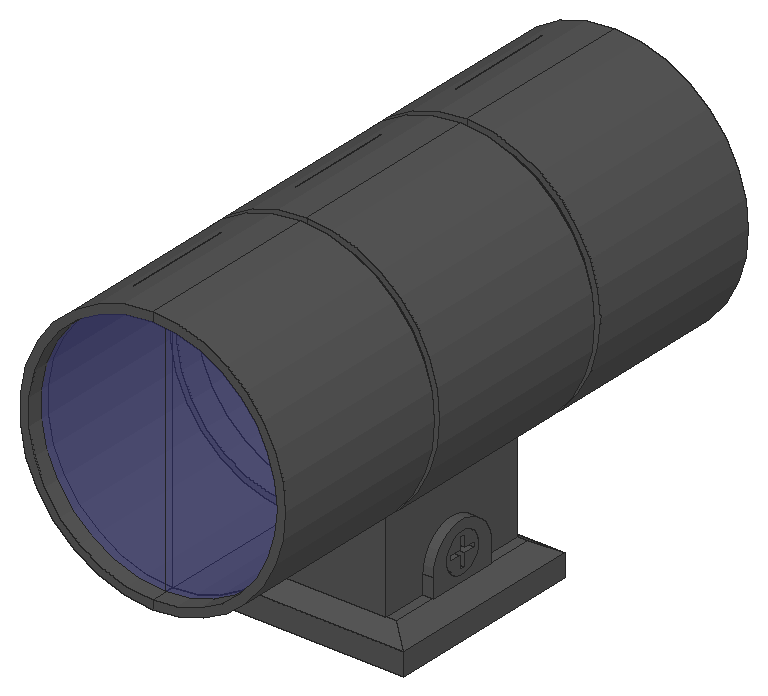
Revit family "CARLO CYLINDER LIGHT WALL MOUNT", category Lighting Fixtures, host Face, Revit 2020 (continued)
Types (10): name | Wattage_Input | Wattage Comments | Wattage | Photometric Web File | built-in parameter 1150142 | Model | built-in parameter 1150105 | Lumens | Light Length 1 | LIGHT RADIUS | LIGHT PLACEMENT | LIGHT LENGTH | LIGHT DIA | built-in parameter 1150106 | FIXED END HEIGHT | Curve base Height | Base Curve | BEAMING ANGLE | Apparent Load
    116.42 119.77 \r\n 122.24 123.64 124.53 125.44 126.23 126.93 127.63 128.45 129.31 130.12 \r\n 130.98 131.95 132.99 134.11 135.27 136.42 137.66 139.07 140.68 142.6 \r\n 144.79 147.23 150 153.15 156.8 161.09 166.04 171.63 178.19 186.04 \r\n 195.28 205.95 218.5 233.26 250.68 271.32 295.12 322.2 352.5 386.03 \r\n 422.74 462.83 505.44 549.77 595.75 643.08 691.67 741.34 792.07 844.13 \r\n 896.48 948.33 999.33 1049.3 1097 1140.8 1181.3 1218 1251.4 1281.4 \r\n 1308.5 1333.1 1356.3 1380 1402 1421 1436.6 1448.6 1455.6 1456 \r\n 1452.3 \r\n1448.4 1456 1456 1451.3 1441.7 1426.3 1407.3 1386.6 1363.5 1337.9 \r\n 1310.2 1281.3 1250.1 1215.3 1177.4 1135.9 1092 1046.6 999.85 952.51 \r\n 904.03 853.84 802.76 750.93 699.78 651 603.85 558.02 513.88 471.54 \r\n 431.49 394.17 359.79 328.11 300.89 281.41 264.9 247.25 229.8 211.5 \r\n 195.36 185.05 177.51 170.81 165.25 160.52 156.5 153 149.97 147.32 \r\n 145.01 143.01 141.3 139.92 138.71 137.46 136.28 135.23 134.21 133.07 \r\n 131.92 130.81 129.71 128.58 127.48 126.51 125.5 124.32 123.07 121.93 \r\n 120.58 118.92 116.4 112.23 106.99 100.9 94.224 87.299 80.066 72.478 \r\n 64.835 57.456 50.228 43.115 36.207 29.443 23.239 17.886 13.687 11.337 \r\n 9.9411 8.8391 8.0238 7.246 6.5721 5.9734 5.4859 5.1658 4.9242 4.6866 \r\n 4.4667 4.2496 4.0466 3.8636 3.7028 3.577 3.4606 3.3277 3.1915 3.0548 \r\n 2.9235 2.8133 2.6979 2.5463 2.3892 2.251 2.1196 1.9986 1.8657 1.6813 \r\n 1.5008 1.3839 1.2785 1.1426 1.0051 0.88013 0.76984 0.68781 0.61386 0.52528 \r\n 0.44328 0.38432 0.34002 0.30937 0.28673 0.26587 0.24756 0.23013 0.216 0.20964 \r\n 0.20327 0.18716 0.17164 0.16671 0.16372 0.1564 0.14759 0.13741 0.1277 0.12104 \r\n 0.11536 0.10961 0.10338 0.094869 0.087298 0.084611 0.082842 0.079173 0.074109 0.067683 \r\n 0.058486 0.042614 0.027583 0.022159 0.01869 0.010605 0.0034311 0.0016456 0.0018264 0.0021057 \r\n 0.0022984 0.0011787 0 0 0 0 0 0 0 0 \r\n 0 0 0 0 0 0 0.000065 0.0030635 0.0073723 0.012442 \r\n 0.017919 0.023166 0.02849 0.03428 0.039656 0.04297 0.046919 0.054659 0.063174 0.069657 \r\n 0.076644 0.086707 0.096927 0.10488 0.11167 0.11734 0.1227 0.12832 0.13497 0.14509 \r\n 0.15434 0.15704 0.15975 0.16899 0.17911 0.18556 0.1915 0.19817 0.20687 0.2211 \r\n 0.2354 0.24359 0.25131 0.26241 0.27604 0.29313 0.31558 0.34708 0.38326 0.41562 \r\n 0.46029 0.53588 0.62641 0.72377 0.82289 0.90623 1.0032 1.153 1.3084 1.424 \r\n 1.5341 1.6588 1.7956 1.9576 2.1176 2.2417 2.3631 2.511 2.6651 2.8168 \r\n 2.9603 3.0793 3.1974 3.3361 3.4862 3.6488 3.815 3.9645 4.1319 4.3588 \r\n 4.6045 4.8003 5.0716 5.5118 6.1492 7.0896 8.1945 9.3703 10.588 11.728 \r\n 12.968 14.22 16.16 19.539 24.039 29.762 36.198 42.792 49.778 57.318 \r\n 65.074 72.806 80.372 87.526 94.34 100.9 106.91 112.13 116.51 119.9 \r\n 122.38 123.81 124.73 125.65 126.45 127.16 127.86 128.7 129.58 130.42 \r\n 131.29 132.24 133.27 134.39 135.56 136.7 137.93 139.33 140.95 142.86 \r\n 145.05 147.49 150.27 153.44 157.13 161.44 166.42 172.05 178.66 186.57 \r\n 195.85 206.47 219.06 234.28 252 272.11 295.27 322.19 352.51 386.17 \r\n 422.96 462.9 505.35 549.82 595.94 643.1 691.48 741.05 791.72 843.69 \r\n 896.04 948.08 999.29 1049.3 1097 1140.8 1181.2 1217.9 1251.1 1280.8 \r\n 1307.6 1332 1355.1 1378.7 1400.7 1419.6 1435.2 1447.5 1454.9 1455.5 \r\n 1452.3 \r\n1448.4 1455.8 1455.3 1449.9 1439.7 1424.2 1405.1 1384.3 1361.1 1335.5 \r\n 1307.7 1278.7 1247.1 1211.4 1172.5 1131 1087.2 1041.8 994.93 947.39 \r\n 898.77 848.68 797.83 746.4 695.55 646.62 599.3 553.73 509.97 468 \r\n 428.3 391.31 357.19 325.82 298.62 278.26 260.92 243.34 226.45 209.29 \r\n 194.24 184.16 176.61 170.02 164.56 159.89 155.93 152.51 149.57 146.98 \r\n 144.72 142.75 141.07 139.73 138.55 137.34 136.18 135.12 134.07 132.9 \r\n 131.72 130.59 129.48 128.34 127.23 126.24 125.22 123.98 122.66 121.46 \r\n 120.05 118.43 115.92 111.58 106.16 100.09 93.509 86.701 79.618 72.224 \r\n 64.762 57.477 50.325 43.328 36.535 29.856 23.727 18.462 14.336 12.02 \r\n 10.632 9.515 8.6593 7.8096 7.0417 6.3263 5.7236 5.3135 5.0074 4.746 \r\n 4.5213 4.302 4.0993 3.913 3.7462 3.6082 3.4795 3.3395 3.1995 3.0638 \r\n 2.9334 2.8174 2.6958 2.5419 2.3849 2.2509 2.1226 1.9959 1.8575 1.6769 \r\n 1.5022 1.3889 1.2853 1.1465 1.007 0.88765 0.7834 0.70168 0.62596 0.53458 \r\n 0.45027 0.39235 0.34938 0.31731 0.2932 0.27322 0.25597 0.23938 0.22565 0.21854 \r\n 0.2114 0.19578 0.18091 0.17591 0.1727 0.16528 0.15647 0.14659 0.13709 0.13 \r\n 0.12385 0.11811 0.11198 0.10344 0.095644 0.092333 0.089767 0.08512 0.079399 0.073265 \r\n 0.06493 0.050712 0.036952 0.030668 0.02616 0.018938 0.01239 0.0087737 0.0069922 0.0076033 \r\n 0.0079015 0.0040076 0 0 0 0 0 0 0 0 \r\n 0 0 0 0 0 0 0.000049 0.0023446 0.005556 0.009116 \r\n 0.012928 0.016573 0.020452 0.025178 0.029699 0.032176 0.035573 0.043207 0.052168 0.060155 \r\n 0.068653 0.079278 0.089325 0.095988 0.10119 0.10563 0.11019 0.11607 0.12306 0.13226 \r\n 0.14092 0.14527 0.1496 0.15818 0.16734 0.17419 0.1806 0.18666 0.19471 0.20923 \r\n 0.22395 0.23201 0.23964 0.25132 0.26544 0.28179 0.30313 0.33354 0.3689 0.40113 \r\n 0.44619 0.52294 0.61462 0.71188 0.81143 0.89777 0.99813 1.1504 1.307 1.42 \r\n 1.5284 1.6581 1.7998 1.9601 2.1162 2.2352 2.3539 2.5079 2.6689 2.8203 \r\n 2.962 3.0806 3.1997 3.3424 3.4965 3.6589 3.8247 3.9773 4.1479 4.3752 \r\n 4.6192 4.8111 5.0749 5.4961 6.1218 7.0831 8.2137 9.393 10.615 11.779 \r\n 13.05 14.345 16.313 19.668 24.119 29.773 36.15 42.759 49.734 57.11 \r\n 64.699 72.385 79.986 87.306 94.275 100.79 106.75 112.11 116.65 120.08 \r\n 122.56 123.99 124.91 125.86 126.7 127.43 128.16 129.02 129.92 130.79 \r\n 131.68 132.62 133.62 134.75 135.93 137.04 138.24 139.63 141.24 143.14 \r\n 145.31 147.74 150.53 153.74 157.46 161.79 166.8 172.5 179.19 187.15 \r\n 196.47 207.07 219.78 235.72 253.94 273.3 295.53 322.23 352.59 386.48 \r\n 423.47 463.1 505.26 549.96 596.31 643.18 691.21 740.77 791.48 843.32 \r\n 895.58 947.82 999.23 1049.2 1096.7 1140.5 1180.9 1217.7 1250.8 1279.9 \r\n 1306.2 1330.5 1353.7 1377.4 1399.5 1418.2 1433.7 1446.3 1454.1 1454.9 \r\n 1452.3 \r\n1448.4 1455.6 1454.4 1448.2 1437.3 1421.7 1402.6 1381.6 1358.3 1332.6 \r\n 1304.9 1275.9 1244 1207.2 1167.3 1125.6 1082 1036.5 989.49 941.63 \r\n 892.75 842.71 792.07 741.07 690.58 641.5 594.03 548.72 505.36 463.8 \r\n 424.51 387.86 354.05 323.06 295.9 274.5 256.13 238.59 222.35 206.61 \r\n 192.92 183.14 175.57 169.12 163.76 159.15 155.25 151.93 149.09 146.55 \r\n 144.34 142.41 140.76 139.46 138.31 137.14 136.01 134.94 133.86 132.66 \r\n 131.45 130.32 129.22 128.08 126.97 125.98 124.93 123.64 122.26 121 \r\n 119.55 117.94 115.4 110.87 105.29 99.244 92.756 86.056 79.113 71.917 \r\n 64.644 57.459 50.389 43.51 36.832 30.232 24.185 19.054 15.05 12.792 \r\n 11.42 10.287 9.3807 8.4405 7.5581 6.7112 5.981 5.4701 5.0921 4.8061 \r\n 4.578 4.3559 4.1527 3.9635 3.7907 3.6396 3.4972 3.3497 3.206 3.0719 \r\n 2.9427 2.8201 2.6912 2.5341 2.3768 2.2477 2.1232 1.9899 1.8455 1.6706 \r\n 1.5038 1.3943 1.2919 1.1492 1.0068 0.89403 0.79687 0.71482 0.63652 0.54263 \r\n 0.45662 0.40042 0.3593 0.32582 0.3001 0.28099 0.26486 0.24942 0.23636 0.2283 \r\n 0.22021 0.20545 0.19157 0.18622 0.18242 0.17487 0.16615 0.15678 0.14767 0.14011 \r\n 0.1334 0.12763 0.12158 0.1131 0.10512 0.10094 0.097293 0.091507 0.085027 0.079084 \r\n 0.071655 0.059551 0.047515 0.040348 0.034696 0.028475 0.022675 0.017143 0.013216 0.013914 \r\n 0.014039 0.0070707 0 0 0 0 0 0 0 0 \r\n 0 0 0 0 0 0 0.000031 0.0015226 0.0035435 0.0056112 \r\n 0.0078074 0.0098939 0.012348 0.015931 0.019549 0.021361 0.024357 0.031776 0.041032 0.050522 \r\n 0.060528 0.071593 0.081328 0.086618 0.090187 0.093398 0.097218 0.10353 0.11095 0.11902 \r\n 0.12692 0.1332 0.13945 0.14723 0.15524 0.16254 0.1695 0.17512 0.18262 0.19714 \r\n 0.21198 0.21997 0.22763 0.23985 0.25438 0.26994 0.29002 0.31886 0.35296 0.38517 \r\n 0.43071 0.50806 0.60028 0.69712 0.79701 0.88673 0.99093 1.1457 1.3035 1.4144 \r\n 1.5214 1.6564 1.8028 1.9608 2.1123 2.2259 2.3419 2.5026 2.6709 2.822 \r\n 2.9618 3.0801 3.2002 3.3471 3.5049 3.6662 3.8306 3.9862 4.1596 4.3864 \r\n 4.6275 4.8157 5.0711 5.4692 6.0755 7.0429 8.1845 9.3599 10.583 11.768 \r\n 13.069 14.401 16.384 19.69 24.069 29.655 35.977 42.598 49.553 56.74 \r\n 64.137 71.763 79.396 86.894 94.036 100.51 106.44 111.97 116.69 120.18 \r\n 122.68 124.12 125.04 126.03 126.91 127.68 128.45 129.33 130.25 131.14 \r\n 132.05 132.98 133.97 135.1 136.28 137.36 138.53 139.91 141.5 143.37 \r\n 145.52 147.94 150.74 153.97 157.72 162.05 167.07 172.85 179.62 187.6 \r\n 196.93 207.5 220.33 236.96 255.66 274.24 295.51 321.94 352.29 386.4 \r\n 423.55 462.82 504.62 549.54 596.1 642.65 690.3 739.86 790.61 842.27 \r\n 894.39 946.79 998.37 1048.2 1095.5 1139.5 1180 1216.8 1249.8 1278.4 \r\n 1304.1 1328.5 1351.8 1375.8 1398 1416.6 1432 1445 1453.1 1454.2 \r\n 1452.3 \r\n1448.4 1455.2 1453.5 1446.5 1434.9 1419.2 1400.1 1378.8 1355.3 1329.7 \r\n 1302.1 1273.1 1240.9 1203.1 1162.2 1120.5 1076.9 1031.2 984.04 935.79 \r\n 886.6 836.57 786.13 735.53 685.4 636.22 588.61 543.54 500.56 459.4 \r\n 420.52 384.22 350.72 320.13 293.04 270.58 251.19 233.63 218 203.76 \r\n 191.53 182.09 174.52 168.19 162.94 158.39 154.55 151.33 148.58 146.1 \r\n 143.93 142.04 140.43 139.15 138.02 136.9 135.81 134.73 133.62 132.4 \r\n 131.17 130.05 128.96 127.84 126.74 125.74 124.68 123.35 121.92 120.61 \r\n 119.12 117.49 114.9 110.18 104.44 98.418 92.018 85.398 78.567 71.544 \r\n 64.443 57.355 50.365 43.596 37.026 30.497 24.532 19.558 15.704 13.516 \r\n 12.169 11.024 10.067 9.034 8.0365 7.0645 6.2151 5.6096 5.1648 4.8575 \r\n 4.6279 4.4032 4.1994 4.008 3.8302 3.6668 3.5119 3.3575 3.2105 3.0782 \r\n 2.9505 2.8216 2.6853 2.5245 2.3664 2.2422 2.1216 1.9817 1.8317 1.6632 \r\n 1.5051 1.3991 1.2973 1.1504 1.0048 0.89848 0.80824 0.72528 0.64404 0.54818 \r\n 0.46119 0.40704 0.36798 0.33323 0.30593 0.28751 0.27241 0.25828 0.24606 0.23697 \r\n 0.22788 0.21421 0.2015 0.1956 0.19097 0.1833 0.17477 0.16606 0.15745 0.14948 \r\n 0.14219 0.13633 0.13033 0.12202 0.11395 0.10882 0.10396 0.097011 0.089749 0.083852 \r\n 0.077238 0.067395 0.057283 0.049333 0.042616 0.037475 0.032521 0.025279 0.019348 0.019949 \r\n 0.019741 0.0099493 0.000097 0 0 0 0 0 0 0 \r\n 0 0 0 0 0 0 0.000014 0.00070519 0.0016023 0.0024112 \r\n 0.0032627 0.0039976 0.0051918 0.0077206 0.010528 0.011911 0.014684 0.021787 0.031136 0.041933 \r\n 0.053252 0.064558 0.07387 0.077904 0.080025 0.08214 0.085333 0.092179 0.1001 0.10698 \r\n 0.11406 0.12228 0.13049 0.13748 0.14431 0.15201 0.15954 0.1649 0.17196 0.1862 \r\n 0.20086 0.20886 0.21668 0.22933 0.24415 0.25898 0.27781 0.30477 0.33734 0.36976 \r\n 0.4159 0.49319 0.58519 0.68134 0.7815 0.87473 0.9828 1.1394 1.2978 1.4076 \r\n 1.5143 1.6539 1.8042 1.9597 2.1067 2.2154 2.329 2.4957 2.6708 2.8219 \r\n 2.9602 3.0785 3.1996 3.3501 3.511 3.6704 3.8325 3.9901 4.1651 4.3897 \r\n 4.6266 4.8119 5.0583 5.4296 6.0075 6.9607 8.0919 9.2514 10.466 11.669 \r\n 12.992 14.346 16.325 19.558 23.845 29.357 35.619 42.229 49.143 56.136 \r\n 63.341 70.901 78.558 86.217 93.525 100 105.93 111.64 116.57 120.14 \r\n 122.69 124.16 125.11 126.14 127.08 127.89 128.69 129.59 130.52 131.44 \r\n 132.36 133.29 134.28 135.42 136.58 137.64 138.78 140.13 141.71 143.54 \r\n 145.66 148.07 150.86 154.11 157.87 162.19 167.21 173.04 179.86 187.84 \r\n 197.16 207.69 220.59 237.79 256.84 274.69 295.06 321.17 351.45 385.71 \r\n 422.96 461.83 503.24 548.3 595.02 641.25 688.54 738.07 788.84 840.27 \r\n 892.19 944.71 996.42 1046.1 1093.3 1137.4 1178.2 1215.1 1248.1 1276.2 \r\n 1301.6 1325.9 1349.4 1373.6 1396.1 1414.6 1430.1 1443.4 1452 1453.5 \r\n 1452.3 \r\n1448.4 1454.8 1452.4 1444.7 1432.6 1416.7 1397.7 1376.2 1352.5 1327 \r\n 1299.5 1270.6 1238.2 1199.5 1157.8 1115.9 1072.4 1026.6 979.12 930.47 \r\n 880.94 830.89 780.61 730.38 680.57 631.31 583.63 538.76 496.09 455.28 \r\n 416.76 380.77 347.55 317.34 290.33 267.01 246.74 229.08 213.92 201.06 \r\n 190.22 181.11 173.53 167.32 162.17 157.69 153.9 150.77 148.11 145.68 \r\n 143.54 141.69 140.11 138.84 137.74 136.66 135.61 134.52 133.39 132.16 \r\n 130.93 129.82 128.75 127.66 126.57 125.59 124.52 123.15 121.69 120.34 \r\n 118.8 117.13 114.46 109.58 103.7 97.684 91.344 84.765 77.996 71.095 \r\n 64.122 57.116 50.201 43.525 37.044 30.574 24.684 19.868 16.168 14.056 \r\n 12.741 11.592 10.595 9.4854 8.3922 7.3229 6.3825 5.7059 5.2118 4.8906 \r\n 4.6621 4.436 4.2319 4.0394 3.8585 3.686 3.5215 3.362 3.2126 3.082 \r\n 2.9555 2.8216 2.6792 2.5148 2.3552 2.235 2.1178 1.9726 1.8179 1.6558 \r\n 1.5055 1.4022 1.3006 1.1497 1.0013 0.90021 0.8155 0.73115 0.647 0.54998 \r\n 0.46286 0.41074 0.37358 0.33784 0.30919 0.29115 0.27678 0.26395 0.25265 0.2426 \r\n 0.23257 0.22007 0.20857 0.20201 0.19646 0.18871 0.18048 0.17247 0.16445 0.15619 \r\n 0.14842 0.14239 0.13635 0.12836 0.12037 0.11434 0.1083 0.10031 0.092319 0.086287 \r\n 0.080254 0.072508 0.064268 0.055759 0.048239 0.044195 0.040164 0.031708 0.024237 0.024626 \r\n 0.024038 0.012168 0.00028763 0 0 0 0 0 0 0 \r\n 0 0 0 0 0 0 0 0 0 0 \r\n 0 0 0 0.0017286 0.0039581 0.0052161 0.0079653 0.014663 0.023853 0.035566 \r\n 0.047804 0.05908 0.067885 0.070982 0.07207 0.073341 0.076077 0.083524 0.091979 0.09776 \r\n 0.10404 0.11399 0.12394 0.13025 0.13606 0.14406 0.15204 0.15734 0.16411 0.17779 \r\n 0.19198 0.20006 0.20814 0.22111 0.23606 0.25032 0.26807 0.293 0.32391 0.35688 \r\n 0.4038 0.48101 0.57119 0.66641 0.76673 0.86336 0.97495 1.132 1.2902 1.4002 \r\n 1.5078 1.6506 1.8034 1.9565 2.0999 2.2051 2.3172 2.4883 2.6683 2.8198 \r\n 2.9576 3.0764 3.1985 3.3517 3.5143 3.6711 3.83 3.9877 4.1624 4.3825 \r\n 4.6137 4.7975 5.0349 5.3758 5.9149 6.828 7.9213 9.0479 10.242 11.454 \r\n 12.788 14.139 16.086 19.225 23.404 28.829 35.015 41.575 48.414 55.227 \r\n 62.26 69.756 77.423 85.201 92.646 99.16 105.15 111.07 116.22 119.93 \r\n 122.57 124.09 125.09 126.18 127.18 128.04 128.87 129.78 130.72 131.65 \r\n 132.59 133.53 134.52 135.66 136.81 137.84 138.95 140.29 141.85 143.64 \r\n 145.72 148.1 150.89 154.13 157.89 162.17 167.17 173.02 179.86 187.8 \r\n 197.08 207.54 220.44 237.97 257.18 274.42 294.04 319.81 349.9 384.19 \r\n 421.43 459.89 500.9 546 592.78 638.73 685.71 735.17 785.88 837.04 \r\n 888.72 941.29 993.1 1042.7 1089.9 1134.2 1175.2 1212.4 1245.6 1273.3 \r\n 1298.4 1322.8 1346.5 1370.9 1393.6 1412.3 1427.8 1441.5 1450.7 1452.7 \r\n 1452.3 \r\n1448.4 1454 1451.4 1443.6 1431.5 1415.7 1396.8 1375.4 1351.8 1326.7 \r\n 1299.5 1270.7 1238.4 1199.7 1157.9 1116 1072.4 1026.4 978.88 930.06 \r\n 880.4 830.34 780.09 729.86 680.07 630.92 583.33 538.42 495.68 454.84 \r\n 416.3 380.3 347.09 316.85 289.91 267.07 247.12 228.87 213.07 200.37 \r\n 189.85 180.8 173.24 167.06 161.93 157.48 153.73 150.63 147.99 145.57 \r\n 143.44 141.62 140.07 138.77 137.65 136.61 135.6 134.52 133.4 132.21 \r\n 131.03 129.95 128.89 127.81 126.76 125.79 124.74 123.39 121.92 120.57 \r\n 119 117.26 114.51 109.54 103.57 97.489 91.069 84.335 77.398 70.347 \r\n 63.276 56.298 49.44 42.764 36.278 29.829 23.964 19.158 15.47 13.383 \r\n 12.101 10.997 10.053 8.992 7.9596 6.9805 6.1368 5.55 5.1266 4.8324 \r\n 4.6118 4.3919 4.1911 4.0033 3.8283 3.6656 3.5106 3.3561 3.2089 3.0771 \r\n 2.9495 2.8198 2.6813 2.5147 2.3514 2.2284 2.1101 1.9682 1.817 1.654 \r\n 1.5018 1.3972 1.2947 1.145 0.99688 0.89163 0.8023 0.7162 0.63185 0.53646 \r\n 0.45124 0.39938 0.36205 0.32639 0.29756 0.2783 0.26301 0.2507 0.24013 0.22983 \r\n 0.21952 0.20752 0.19646 0.1894 0.18334 0.17594 0.16833 0.16091 0.15347 0.14571 \r\n 0.1382 0.1317 0.12533 0.1182 0.11112 0.10502 0.098644 0.090521 0.082236 0.075273 \r\n 0.068464 0.060934 0.053297 0.045404 0.038674 0.035642 0.032808 0.025906 0.01977 0.020319 \r\n 0.020024 0.010163 0.00023967 0 0 0 0 0 0 0 \r\n 0 0 0 0 0 0 0.000005 0.000094 0.00058688 0.0021581 \r\n 0.0038227 0.0043372 0.0051514 0.0076934 0.010785 0.013106 0.016506 0.022616 0.030773 0.041607 \r\n 0.052874 0.06273 0.070608 0.074577 0.076886 0.078427 0.081335 0.089492 0.098551 0.1042 \r\n 0.11021 0.12019 0.13026 0.13682 0.14278 0.1504 0.15802 0.16364 0.17055 0.18298 \r\n 0.19597 0.20433 0.21295 0.22579 0.24042 0.2553 0.27329 0.29621 0.32563 0.36123 \r\n 0.41037 0.48388 0.57095 0.66428 0.76409 0.86351 0.9765 1.1262 1.2782 1.3944 \r\n 1.5088 1.648 1.7957 1.9488 2.0941 2.2038 2.3186 2.4838 2.6581 2.8127 \r\n 2.9556 3.0774 3.2008 3.3521 3.5108 3.6631 3.8155 3.963 4.1255 4.331 \r\n 4.5501 4.7392 4.9694 5.2668 5.7233 6.4842 7.4156 8.4261 9.5331 10.707 \r\n 11.996 13.229 15.038 18.058 22.11 27.395 33.403 39.675 46.257 53.005 \r\n 60.034 67.503 75.132 82.784 90.182 96.919 103.25 109.52 115.02 119.01 \r\n 121.88 123.6 124.75
